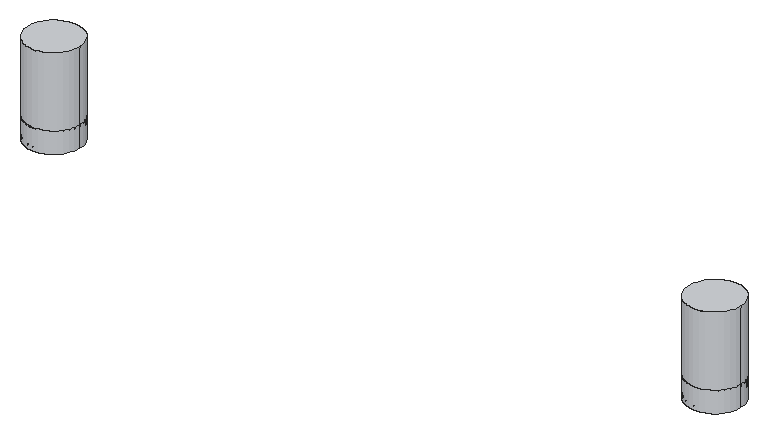
Revit family "QF_BOURGEAT_Transtherm_Fours_sur_pieds_10GN1_1", category Equipement spécialisé, Revit 2015
Parameters (values of type "892910 + 897500")
  URL catalogue = "http://www.bourgeat.fr/fr/"
  URL = ""
  Type_de_modele = 892910 + 897500 : 892910 + 897500
  Type de Raccord Plomberie = ""
  Type de Raccord Electrique = ""
  Type article = ""
  Tension = 400 V
  Spécification du Fabricant = "TRANS'THERM"
  Remarques Plomberie = "Débit=0.000083L/s"
  Remarques Electricité = ""
  Puissance électrique  = 8700 W
  Profondeur hors tout = 720 mm
  Poids net à vide = 80.00 kg
  Phase = 3
  Nature isolant = "Laine_de_roche(60mm)"
  Modèle = "892910 + 897500"
  Longueur hors tout = 682 mm
  Intensité nominale = 21.75 A
  Indice de protection = "IP25"
  Hauteur hors tout = 1430 mm
  Fréquence = 50 Hz
  Fabricant = "BOURGEAT"
  Débit Eau Adoucie = 0.0 L/s
  Contact SAV = "0033 (0)4.76.32.14.44"
  Consommation énergétique = "6.06Kwh/h"
  Charge max = 40.00 kg
  Certification = "NF alimentaire"
Types (5, lengths in mm): name | Type_de_modele | Remarques Plomberie | Modèle
  (no name) | 892910 + 897500 : 892910 + 897500 | "Débit=0.000083L/s" | "892910 + 897500"
  892210 | 892210 : 892210 | "Debit=0.000083L/s" | "892210"
  892210 + 897500 | 892210 + 897500 : 892210 + 897500 | "Débit=0.000083L/s" | "892210 + 897500"
  892910 | 892910 : 892910 | "Débit=0.000083L/s" | "892910"
  892910 + 897500 | 892910 + 897500 : 892910 + 897500 | "Débit=0.000083L/s" | "892910 + 897500"
Reference planes
  plane 1 "Centre (avant/arrière)": y = 0
  plane 2: z = 0
  plane 3 "Centre (gauche/droite)": x = 0
Forms (mm)
  Extrusion 1, solid
    sketch origin (0, 0, 0) x (1, 0, 0) y (0, 1, 0)
      loop
        circle (-190, -90) r 15
      loop
        circle (190, -90) r 15
    from 288.898 to 300.8
Dimensions and locks
  aligned and locked: level to plane 2
Nested families
  nested 1: "892910 + 897500" at (0, 0, 0), type <- "Type_de_modele", type "892910 + 897500"
Connectors
  electrical at (190, -90, 288.898)
    settings: on Extrusion 1, index 1, voltage 0 V, apparent load 0 VA, apparent load phase1 0 VA, apparent load phase2 0 VA, apparent load phase3 0 VA, power factor 1, load classification "Autre", number of poles 1, system type 30, power factor state 1, is connector primary yes, connector utility no, sub classification motor no, connector description ""
  piping at (-190, -90, 288.898), diameter 609.6
    settings: on Extrusion 1, index 2, connector inside diameter 609.6 mm, connector length 0 mm, flow factor 0, pipe flow 0.0 L/s, pressure drop 0.0 Pa, fitting loss kfactor 0, connector angle 0.00°, fixture units 0, engagement length 0 mm, angle of deflection 0.00°, flow configuration 0, flow direction 0, fitting loss method 0, system type 7, joint type 0, gender type 0, connector reference index -1, connector utility 0, adjustable connector no, is connector primary yes, connector description ""
Definition of nested family "892910 + 897500"
  Parameters (values of type "892910 + 897500")
    URL_page_produit = "http://www.bourgeat.fr/fr/"
    URL_fiche_technique = "à venir"
    URL_SAV = "à venir"
    URL = "http://www.bourgeat.fr/fr/"
    Type_de_raccordement = ""
    Tension = 230 V
    Puissance_electrique = 8700 W
    Protection_appareil = ""
    Profondeur_hors_tout = 720 mm
    Poids = "80Kg"
    Nombre_pole = 1
    Niveau_sonore = ""
    Nature_isolant = "Laine_de_roche(60mm)"
    Model = "Trans'therm"
    Largeur_hors_tout = 682 mm
    Intensite = Puissance_electrique / Tension  # 37.8261 A
    Indice_protection = ""
    Hauteur_hors_tout = 1430 mm
    Frequence = "50/60Hz"
    Manufacturer = "BOURGEAT"
    Contact_SAV = "0033 (0)4.76.32.14.44"
    Consommation_energetique = "6.06Kwh"
    Code_article = "892910 + 897500"
    Classe_energetique = ""
    Classe_climatique = ""
    Charge_maximum = "40Kg"
    Certification = "NF alimentaire"
  Reference planes
    plane 1 "Centre (avant/arrière)": y = 0
    plane 2: z = 0
    plane 3 "Centre (gauche/droite)": x = 0
    plane 4: x = -190
    plane 5: x = 190
    plane 6: y = -90
    plane 7: y = -90
    plane 8: z = 341
    plane 9: z = 0
    plane 10: x = 0
    plane 11: z = 0
    plane 12: x = 0
  Forms (mm)
    Extrusion 1, solid
      sketch origin (0, 0, 0) x (1, 0, 0) y (0, 1, 0)
        loop
          circle (-190, -90) r 15
        loop
          circle (190, -90) r 15
      from 290.827 to 341
  Lines and regions (mm)
    symbolic lines
      curve 1: line (-319.21, -671.8, 0) -> (-319.21, -1311.3, 0)
      curve 2: arc (320.29, -671.8, 0) -> (132.839, -1123.849, 0) -> (-319.21, -1311.3, 0) r 640
  Dimensions and locks
    locked: plane 4 to plane 5 at 380
    equal spacing: plane 4, plane 3 "Centre (gauche/droite)", plane 5, locked at 190 each
    locked: plane 6 to plane 1 "Centre (avant/arrière)" at 90
    locked: plane 7 to plane 1 "Centre (avant/arrière)" at 90
    locked: plane 8 to plane 2 at 341
    plane 12 to import instance = 342 mm
    aligned and locked: level to plane 2
    aligned and locked: plane 5 to Extrusion 1 sketch curve
    aligned and locked: plane 6 to Extrusion 1 sketch curve  (x2)
    aligned and locked: Extrusion 1 to plane 8
    aligned and locked: plane 2 to plane 9
    aligned and locked: plane 3 "Centre (gauche/droite)" to plane 10
    aligned and locked: plane 2 to plane 11
    aligned and locked: plane 12 to plane 10
    aligned and locked: plane 1 "Centre (avant/arrière)" to import instance
    aligned and locked: import instance to plane 2
  Automatic sketch dimensions
    Extrusion 1 sketch curve to plane 4 = 0 mm
    curve 2 to plane 4 = 129.71 mm
    curve 2 to plane 7 = 581.301 mm
    curve 1 to plane 4 = 129.21 mm
    plane 5 to curve 2 = 130.29 mm
    curve 1 to curve 2 = 0.5 mm
    curve 2 to plane 7 = 581.8 mm
    radius of Extrusion 1 sketch curve = 15 mm  (x2)
